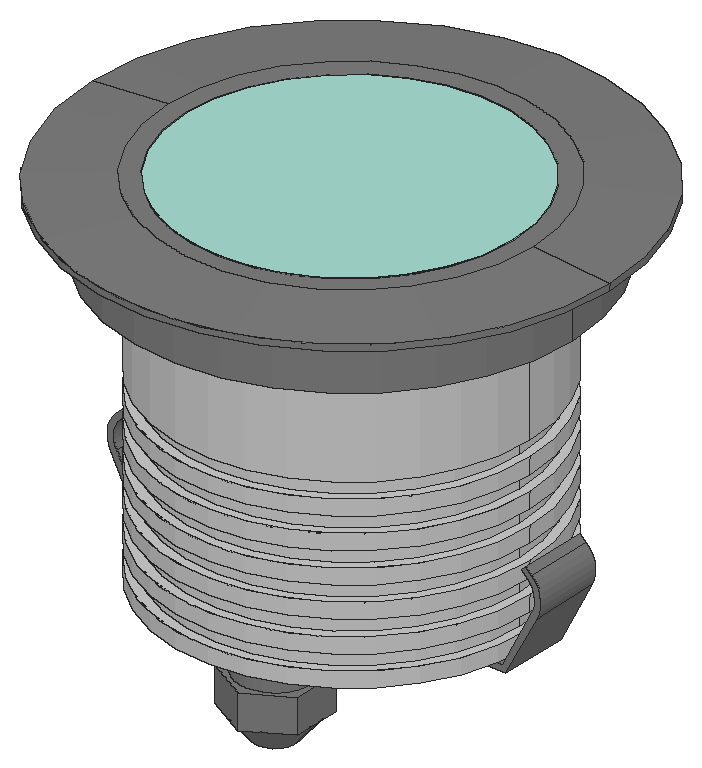
Revit family "Smoothy 2.4", category Lighting Fixtures, host Face, Revit 2017
Family settings
  Host = Face
  Round Connector Dimension = Use Diameter
  Part Type = Normal
  Cut with Voids When Loaded = Yes
  Light Source = Yes
  Shared = No
  Room Calculation Point = Yes
Parameters (values of type "Smoothy 2.4_D (3000K 7W 24Vdc)")
  Wiring = "parallel; RGB: series"
  Width mm = 84 mm
  Weight kg = "0.43"
  Wattage = 4.09312 W
  built-in parameter 1150110 = 1 (stored number, unit not read)
  Voltage = 24 V
  URL Accessories and power supply units = "https://www.lucelight.it/en/prodotto.php/107382#a-scheda-accessori"
  URL = "https://www.lucelight.it/en/prodotto.php/107382"
  built-in parameter 1114217 = 1 (stored number, unit not read)
  Tiltable = "-"
  Vertical Rotation [instance] = 0.00°
  URL Technical sheet = "https://www.lucelight.it/media/prodotti/st/ST_SMOOTHY_24.pdf"
  URL Image = "https://www.lucelight.it/media/prodotti/foto/smoothy_2.4_still.jpg"
  URL IES Photometric file = "https://www.lucelight.it/media/prodotti/fotometrie/smoothy_2.4_ies.zip"
  URL General code = "https://www.lucelight.it/en/prodotto.php/107382#a-generacodice"
  URL Description = "https://www.lucelight.it/en/capitolato.php/107382"
  URL DXF = "https://www.lucelight.it/media/prodotti/dxf/smoothy_2.4.dxf"
  URL Catalogue = "https://www.lucelight.it/media/prodotti/brochure/smoothy_2.4_brochure_en.pdf"
  Trim = L&L_Steel inox AISI 316L
  Tilt Angle = 90.00°
  built-in parameter 1150109 = 1 (stored number, unit not read)
  built-in parameter 1150134 = (empty or 0)
  built-in parameter 1150113 = 1 (stored number, unit not read)
  Radius Void = 37.5 mm
  Power supply unit = "not included"
  Power supply = "24Vdc (also available: max 700mA RGB light - ref. URL Technical sheet)"
  Power cables = "includes 1.5 m neoprene cable; H05RN-F 2x0.75/0.75 Ø6.3 mm; RGB: includes 1.5 m FEP+RUB (equivalent to H05RN-F) 6x0.50/0.50 Ø6.3 mm"
  Power = "7W (also available: 3,5W only 5°optics (4000K only CRI 80) and 5W - ref. URL Technical sheet)"
  Photometric Web File = "SMOOTHY 2.4 D [3000K 7W 24Vdc].IES"
  Optics = "D"
  Notes = "-"
  No. and type of led = "1 high-intensity power LED; RGB: 3 power LEDs"
  Mounting = "recessed (ceiling, wall, ground)"
  Model = "Smoothy 2.4"
  Material = "body in anodized aluminium, trim in AISI 316L stainless steelscreen in tempered, transparent extra-clear glass (optics version), screen in sandblasted, tempered extra-clear glass (diffuse version)"
  Manufacturer = "L&L Luce&Light"
  built-in parameter 1150105 = 48.383 (stored number, unit not read)
  Lumens = 608 lm
  built-in parameter 1150115 = 1 (stored number, unit not read)
  Lumen output at source = "488 lm (3000K, 5W, CRI 80); 452 lm (3000K, 5W, CRI 90); 657 lm (3000K, 7W, CRI 80); 608 lm (3000K, 7W, CRI 90); RGB: 311 lm, R: 108 lm G: 133 lm B: 70 lm (700mA)"
  built-in parameter 1150137 = (empty or 0)
  built-in parameter 1150139 = (empty or 0)
  Lens = L&L_Tempered extra-clear glass
  Length mm = 84 mm
  built-in parameter 1150112 = 1 (stored number, unit not read)
  built-in parameter 1150114 = 1 (stored number, unit not read)
  LED Colour = "3000K (also available: 2700K and 4000K - ref. URL Technical sheet)"
  built-in parameter 1150132 = 2
  built-in parameter 1150102 = (empty or 0)
  built-in parameter 1150107 = 3000 (stored number, unit not read)
  built-in parameter 1150138 = (empty or 0)
  built-in parameter 1150106 = 0.48383 (stored number, unit not read)
  IP = "67"
  Height mm = 67 mm
  Height Void = 67 mm
  Geometry = Smoothy2.4_mod : Smoothy2.4_mod
  Features = "-"
  Energy efficiency class = "A A+ A++"
  Emit from Line Length = 609.6 mm
  built-in parameter 1150104 = 13.8 (stored number, unit not read)
  Dimming Lamp Color Temperature Shift = <None>
  Description = "recessed for outdoor applications"
  Delivered lumen output = "352 lm (3000K, 34°, 5W, CRI 80); 284 lm (3000K, 34°, 5W, CRI 90); 463 lm (3000K, 34°, 7W, CRI 80); 374 lm (3000K, 34°, 7W, CRI 90); RGB: 235 lm, R: 92 lm G: 105 lm B: 38 lm (700mA, 34°)"
  Default Elevation = 1219.2 mm
  Cutout dimensions = "diam. 75 mm"
  Control system = "-"
  Contact = "T: +39 0444 360571; E: lucelight@lucelight.it"
  Company = "L&L Luce&Light"
  Color Filter = 16777215
  Code = "SY240 I; SY2432 6 I"
  CRI = "90 (also available: CRI 80 - ref. URL Technical sheet)"
  Body = L&L_Anodized aluminium
  built-in parameter 1114218 = 1 (stored number, unit not read)
  built-in parameter 1150133 = 10 (stored number, unit not read)
  Apparent Load Phase 1 = 7 W
  Apparent Load = 0 VA
Types (10, lengths in mm): name | Wattage | Photometric Web File | Optics | built-in parameter 1150104
  Smoothy 2.4_D (3000K 7W 24Vdc) | 4.09312 W | "SMOOTHY 2.4 D [3000K 7W 24Vdc].IES" | "D" | 13.8 (stored number, unit not read)
  Smoothy 2.4_L 45° (3000K 7W 24Vdc) | 1 W | "SMOOTHY 2.4 L 45° [3000K 7W 24Vdc].IES" | "45°" | 56.485 (stored number, unit not read)
  Smoothy 2.4_M 34° (3000K 7W 24Vdc) | 1 W | "SMOOTHY 2.4 M 34° [3000K 7W 24Vdc].IES" | "34°" | 56.485 (stored number, unit not read)
  Smoothy 2.4_P 21° (3000K 7W 24Vdc) | 4.09312 W | "SMOOTHY 2.4 P (21°) [3000K 7W 24Vdc].IES" | "21°" | 13.8 (stored number, unit not read)
  Smoothy 2.4_Q 61° (3000K 7W 24Vdc) | 4.09312 W | "SMOOTHY 2.4 Q (61°) [3000K 7W 24Vdc].IES" | "61°" | 13.8 (stored number, unit not read)
  Smoothy 2.4_S 17° (3000K 7W 24Vdc) | 4.09312 W | "SMOOTHY 2.4 S 17° [3000K 7W 24Vdc].IES" | "17°" | 13.8 (stored number, unit not read)
  Smoothy 2.4_T 11° (3000K 7W 24Vdc) | 4.09312 W | "SMOOTHY 2.4 T 11° [3000K 7W 24Vdc].IES" | "11°" | 13.8 (stored number, unit not read)
  Smoothy 2.4_U 5° (3000K 3.5W 24Vdc) | 4.09312 W | "SMOOTHY 2.4 U 5° [3000K 3.5W 24Vdc].IES" | "5°" | 13.8 (stored number, unit not read)
  Smoothy 2.4_V 8° (3000K 7W 24Vdc) | 4.09312 W | "SMOOTHY 2.4 V 8° [3000K 7W 24Vdc].IES" | "8°" | 13.8 (stored number, unit not read)
  Smoothy 2.4_W 13°x52° (3000K 7W 24Vdc) | 4.09312 W | "SMOOTHY 2.4 W 13°x52° [3000K 7W 24Vdc].IES" | "13°x52°" | 13.8 (stored number, unit not read)
Reference planes
  plane 1 "Center (Front/Back)": y = 0
  plane 2: z = 0
  plane 3 "Center (Left/Right)": x = 0
  plane 4: z = -67
Forms (mm)
  Extrusion 1, void
    sketch origin (0, 0, 0) x (1, 0, 0) y (0, 1, 0)
      loop
        circle (0, 0) r 37.5
    from -67 to 0
Dimensions and locks
  "Height Void": plane 4 to plane 2
  "Radius Void": radius of Extrusion 1 sketch curve
  aligned and locked: plane 2 to host face
  aligned and locked: level to host face
  aligned and locked: Extrusion 1 to plane 4
  aligned and locked: plane 2 to Extrusion 1
Automatic sketch dimensions
  host sketch curve to host sketch curve = 2438.4 mm  (x2)
  plane 1 "Center (Front/Back)" to Extrusion 1 sketch curve = 0 mm
  Extrusion 1 sketch curve to plane 3 "Center (Left/Right)" = 0 mm
Nested families
  nested 1: "Smoothy2.4_mod" at (0, 0, 0), type <- "Geometry", type "Smoothy2.4_mod"
Connectors
  electrical at (0, 0, 0), driven by "Apparent Load Phase 1", driven by "Voltage"
    settings: index 1, voltage 24 V, apparent load 0 VA, apparent load phase1 7 VA, apparent load phase2 0 VA, apparent load phase3 0 VA, power factor 1, load classification "Lighting", number of poles 1, system type 31, power factor state 1, is connector primary yes, connector utility no, sub classification motor no, connector description ""
Definition of nested family "Smoothy2.4_mod"
  Parameters (values of type "Smoothy2.4_mod")
    Wing 5.6 = no
    Wing 5.4 = no
    Wing 2.8 = no
    Wing 2.4 = yes
    Wing 1.0 = no
    Trim = none
    Thickness small shape ring = 2.5 mm
    Thickness small ring = 1.5 mm
    Thickness shape ring = 30.3 mm
    Thickness ring medium view = 13 mm
    Thickness middle ring fine view = 9.5 mm
    Thickness Lower ring 1 = 15.3 mm
    Thickness = 2 mm
    Shaped ring 5.6 = no
    Shaped ring 5.4 = no
    Shaped ring 2.4 = yes
    Shaped ring 1.0 = no
    Ring = no
    Radius small ring = 33 mm
    Radius shaped 4 = 10.726 mm
    Radius shaped 3 = 34.5 mm
    Radius shaped 2 = 29 mm
    Radius shaped 1 = 27.4 mm
    Radius middle ring fine view = 35.9 mm
    Radius Void = 26.5 mm
    Radius Lower ring 1 = 29 mm
    Radius 2 = 29 mm
    Radius = 42 mm
    Lens = none
    Internal radius = 29.6 mm
    Height void = 27 mm
    Height = 67 mm
    Default Elevation = 1219.2 mm
    Bottom 5.6 = no
    Bottom 2.8 = no
    Bottom 2.4 = yes
    Bottom 1.0 = no
    Body = none
  Reference planes
    plane 1 "Light Source Axis (F/B)": y = 0
    plane 2: z = 0
    plane 3 "Light Source Axis (L/R)": x = 0
    plane 4 "Light Source Elevation": z = 1500
    plane 5: z = -65
    plane 6: z = 2
    plane 7: z = -11
    plane 8: z = -55
    plane 9: z = 1
    plane 10: z = -9.5
    plane 11: z = -11
    plane 12: z = -26.3
    plane 13: z = -56.6
    plane 14: z = -25
    plane 15: z = -61.5
    plane 16: y = -15.8
  Forms (mm)
    Extrusion 1, solid, material <- "Body", detail levels coarse
      sketch origin (0, 0, 0) x (1, 0, 0) y (0, 1, 0)
        loop
          circle (0, 0) r 42
      from -65 to 2
    Extrusion 2, solid, material <- "Trim", detail levels medium
      sketch origin (0, 0, 0) x (1, 0, 0) y (0, 1, 0)
        loop
          circle (0, 0) r 42
      from 2 to -11
    Extrusion 3, solid, material <- "Body", detail levels medium
      sketch origin (0, 0, 0) x (1, 0, 0) y (0, 1, 0)
        loop
          circle (0, 0) r 29
      from -11 to -65
    Extrusion 4, void
      sketch origin (0, 0, 0) x (1, 0, 0) y (0, 1, 0)
        loop
          circle (0, 0) r 26.5
      from 2 to -55
    Extrusion 5, solid, material <- "Lens", detail levels medium
      sketch origin (0, 0, 0) x (1, 0, 0) y (0, 1, 0)
        loop
          circle (0, 0) r 26.5
      from 2 to 1
    Extrusion 6, solid, material <- "Trim", detail levels fine
      sketch origin (0, 0, 0) x (1, 0, 0) y (0, 1, 0)
        loop
          circle (0, 0) r 42
      from 0 to 1
    Blend 7, solid, material <- "Trim", detail levels fine
      base sketch origin (0, 0, 0) x (1, 0, 0) y (0, 1, 0)
        loop
          circle (0, 0) r 42
      top sketch origin (0, 0, 0) x (1, 0, 0) y (0, 1, 0)
        loop
          circle (0, 0) r 29.6
      from 1 to 2
    Extrusion 8, solid, material <- "Trim", detail levels fine
      sketch origin (0, 0, 0) x (1, 0, 0) y (0, 1, 0)
        loop
          circle (0, 0) r 35.9
      from 0 to -9.5
    Extrusion 9, solid, material <- "Trim", detail levels fine
      sketch origin (0, 0, 0) x (1, 0, 0) y (0, 1, 0)
        loop
          circle (0, 0) r 33
      from -9.5 to -11
    Extrusion 10, solid, material <- "Body", detail levels fine
      sketch origin (0, 0, 0) x (1, 0, 0) y (0, 1, 0)
        loop
          circle (0, 0) r 29
      from -11 to -26.3
    Extrusion 11, solid, visible <- "Shaped ring 1.0", not visible, detail levels fine
      sketch origin (0, 0, -13.641) x (1, 0, 0) y (0, 1, 0)
        loop
          circle (0, 0) r 29
      from -29.859 to -31.859
    Extrusion 12, solid, visible <- "Shaped ring 1.0", not visible, detail levels fine
      sketch origin (0, 0, -3.2) x (1, 0, 0) y (0, 1, 0)
        loop
          circle (0, 0) r 27.4
      from -26.677 to -43.726
    Extrusion 13, solid, visible <- "Shaped ring 1.0", not visible, detail levels fine
      sketch origin (0, 0, -13.641) x (1, 0, 0) y (0, 1, 0)
        loop
          circle (0, 0) r 29
      from -29.859 to -31.859
    Extrusion 14, solid, visible <- "Shaped ring 1.0", not visible, detail levels fine
      sketch origin (0, 0, -9.641) x (1, 0, 0) y (0, 1, 0)
        loop
          circle (0, 0) r 29
      from -29.859 to -31.859
    Extrusion 15, solid, visible <- "Shaped ring 1.0", not visible, detail levels fine
      sketch origin (0, 0, -5.641) x (1, 0, 0) y (0, 1, 0)
        loop
          circle (0, 0) r 29
      from -29.859 to -31.859
    Extrusion 16, solid, visible <- "Shaped ring 1.0", not visible, detail levels fine
      sketch origin (0, 0, -1.641) x (1, 0, 0) y (0, 1, 0)
        loop
          circle (0, 0) r 29
      from -29.859 to -31.859
    Extrusion 17, solid, visible <- "Shaped ring 1.0", detail levels fine
      sketch origin (0, 0, 0.377) x (1, 0, 0) y (0, 1, 0)
        loop
          circle (0, 0) r 27.4
      from -26.677 to -43.726
    Extrusion 18, solid, visible <- "Shaped ring 1.0", detail levels fine
      sketch origin (0, 0, -10.063) x (1, 0, 0) y (0, 1, 0)
        loop
          circle (0, 0) r 29
      from -29.859 to -31.859
    Extrusion 19, solid, visible <- "Shaped ring 1.0", detail levels fine
      sketch origin (0, 0, -6.063) x (1, 0, 0) y (0, 1, 0)
        loop
          circle (0, 0) r 29
      from -29.859 to -31.859
    Extrusion 20, solid, visible <- "Shaped ring 1.0", detail levels fine
      sketch origin (0, 0, -2.063) x (1, 0, 0) y (0, 1, 0)
        loop
          circle (0, 0) r 29
      from -29.859 to -31.859
    Extrusion 21, solid, visible <- "Shaped ring 1.0", detail levels fine
      sketch origin (0, 0, 1.937) x (1, 0, 0) y (0, 1, 0)
        loop
          circle (0, 0) r 29
      from -29.859 to -31.859
    Extrusion 22, solid, material <- "Body", visible <- "Shaped ring 2.4", detail levels fine
      sketch origin (0, 0, 0) x (1, 0, 0) y (0, 1, 0)
        loop
          circle (0, 0) r 27.4
      from -26.3 to -56.6
    Extrusion 23, solid, material <- "Body", visible <- "Shaped ring 2.4", detail levels fine
      sketch origin (0, 0, 0) x (1, 0, 0) y (0, 1, 0)
        loop
          circle (0, 0) r 29
      from -28.8 to -31.3
    Extrusion 24, solid, material <- "Body", visible <- "Shaped ring 2.4", detail levels fine
      sketch origin (0, 0, -5) x (1, 0, 0) y (0, 1, 0)
        loop
          circle (0, 0) r 29
      from -28.8 to -31.3
    Extrusion 25, solid, material <- "Body", visible <- "Shaped ring 2.4", detail levels fine
      sketch origin (0, 0, -10) x (1, 0, 0) y (0, 1, 0)
        loop
          circle (0, 0) r 29
      from -28.8 to -31.3
    Extrusion 26, solid, material <- "Body", visible <- "Shaped ring 2.4", detail levels fine
      sketch origin (0, 0, -15) x (1, 0, 0) y (0, 1, 0)
        loop
          circle (0, 0) r 29
      from -28.8 to -31.3
    Extrusion 27, solid, material <- "Body", visible <- "Shaped ring 2.4", detail levels fine
      sketch origin (0, 0, -20) x (1, 0, 0) y (0, 1, 0)
        loop
          circle (0, 0) r 29
      from -28.8 to -31.3
    Extrusion 28, solid, material <- "Body", visible <- "Shaped ring 2.4", detail levels fine
      sketch origin (0, 0, -25) x (1, 0, 0) y (0, 1, 0)
        loop
          circle (0, 0) r 29
      from -28.8 to -31.3
    Extrusion 29, solid, visible <- "Shaped ring 5.4", detail levels fine
      sketch origin (0, 0, 0) x (1, 0, 0) y (0, 1, 0)
        loop
          circle (0, 0) r 27.4
      from -24 to -59
    Extrusion 30, solid, visible <- "Shaped ring 5.4", not visible, detail levels fine
      sketch origin (0, 0, -2.5) x (1, 0, 0) y (0, 1, 0)
        loop
          circle (0, 0) r 10.726
      from -59 to -61.5
    Extrusion 31, solid, visible <- "Shaped ring 5.4", not visible, detail levels fine
      sketch origin (0, 0, -2.5) x (1, 0, 0) y (0, 1, 0)
        loop
          circle (0, 0) r 29
      from -24 to -26.5
    Extrusion 32, solid, visible <- "Shaped ring 5.4", not visible, detail levels fine
      sketch origin (0, 0, 5.5) x (1, 0, 0) y (0, 1, 0)
        loop
          circle (0, 0) r 27.4
      from -24 to -59
    Extrusion 33, solid, visible <- "Shaped ring 5.4", detail levels fine
      sketch origin (0, 0, -2.5) x (1, 0, 0) y (0, 1, 0)
        loop
          circle (0, 0) r 29
      from -24 to -26.5
    Extrusion 34, solid, visible <- "Shaped ring 5.4", detail levels fine
      sketch origin (0, 0, -7.5) x (1, 0, 0) y (0, 1, 0)
        loop
          circle (0, 0) r 29
      from -24 to -26.5
    Extrusion 35, solid, visible <- "Shaped ring 5.4", detail levels fine
      sketch origin (0, 0, -12.5) x (1, 0, 0) y (0, 1, 0)
        loop
          circle (0, 0) r 29
      from -24 to -26.5
    Extrusion 36, solid, visible <- "Shaped ring 5.4", detail levels fine
      sketch origin (0, 0, -17.5) x (1, 0, 0) y (0, 1, 0)
        loop
          circle (0, 0) r 29
      from -24 to -26.5
    Extrusion 37, solid, visible <- "Shaped ring 5.4", detail levels fine
      sketch origin (0, 0, -22.5) x (1, 0, 0) y (0, 1, 0)
        loop
          circle (0, 0) r 29
      from -24 to -26.5
    Extrusion 38, solid, visible <- "Shaped ring 5.4", detail levels fine
      sketch origin (0, 0, -27.5) x (1, 0, 0) y (0, 1, 0)
        loop
          circle (0, 0) r 29
      from -24 to -26.5
    Extrusion 39, solid, visible <- "Shaped ring 5.4", detail levels fine
      sketch origin (0, 0, -32.5) x (1, 0, 0) y (0, 1, 0)
        loop
          circle (0, 0) r 29
      from -24 to -26.5
    Extrusion 40, solid, visible <- "Shaped ring 5.4", detail levels fine
      sketch origin (0, 0, -35) x (1, 0, 0) y (0, 1, 0)
        loop
          circle (0, 0) r 34.5
      from -24 to -34
    Extrusion 41, solid, visible <- "Shaped ring 5.4", detail levels fine
      sketch origin (0, 0, -2.5) x (1, 0, 0) y (0, 1, 0)
        loop
          circle (0, 0) r 10.726
      from -59 to -61.5
    Extrusion 42, solid, visible <- "Shaped ring 5.4", detail levels fine
      sketch origin (0, 0, -7.5) x (1, 0, 0) y (0, 1, 0)
        loop
          circle (0, 0) r 10.726
      from -59 to -61.5
    Extrusion 43, solid, visible <- "Shaped ring 5.4", not visible, detail levels fine
      sketch origin (0, 0, 3) x (1, 0, 0) y (0, 1, 0)
        loop
          circle (0, 0) r 29
      from -24 to -26.5
    Extrusion 44, solid, visible <- "Shaped ring 5.4", not visible, detail levels fine
      sketch origin (0, 0, -2) x (1, 0, 0) y (0, 1, 0)
        loop
          circle (0, 0) r 29
      from -24 to -26.5
    Extrusion 45, solid, visible <- "Shaped ring 5.4", not visible, detail levels fine
      sketch origin (0, 0, -7) x (1, 0, 0) y (0, 1, 0)
        loop
          circle (0, 0) r 29
      from -24 to -26.5
    Extrusion 46, solid, visible <- "Shaped ring 5.4", not visible, detail levels fine
      sketch origin (0, 0, -12) x (1, 0, 0) y (0, 1, 0)
        loop
          circle (0, 0) r 29
      from -24 to -26.5
    Extrusion 47, solid, visible <- "Shaped ring 5.4", not visible, detail levels fine
      sketch origin (0, 0, -17) x (1, 0, 0) y (0, 1, 0)
        loop
          circle (0, 0) r 29
      from -24 to -26.5
    Extrusion 48, solid, visible <- "Shaped ring 5.4", not visible, detail levels fine
      sketch origin (0, 0, -22) x (1, 0, 0) y (0, 1, 0)
        loop
          circle (0, 0) r 29
      from -24 to -26.5
    Extrusion 49, solid, visible <- "Shaped ring 5.4", not visible, detail levels fine
      sketch origin (0, 0, -27) x (1, 0, 0) y (0, 1, 0)
        loop
          circle (0, 0) r 29
      from -24 to -26.5
    Extrusion 50, solid, visible <- "Shaped ring 5.4", not visible, detail levels fine
      sketch origin (0, 0, -29.5) x (1, 0, 0) y (0, 1, 0)
        loop
          circle (0, 0) r 34.5
      from -24 to -34
    Extrusion 51, solid, visible <- "Shaped ring 5.4", not visible, detail levels fine
      sketch origin (0, 0, 3) x (1, 0, 0) y (0, 1, 0)
        loop
          circle (0, 0) r 10.726
      from -59 to -61.5
    Extrusion 52, solid, visible <- "Shaped ring 5.4", not visible, detail levels fine
      sketch origin (0, 0, -2) x (1, 0, 0) y (0, 1, 0)
        loop
          circle (0, 0) r 10.726
      from -59 to -61.5
    Extrusion 53, solid, visible <- "Shaped ring 5.6", detail levels fine
      sketch origin (0, 0, 0) x (1, 0, 0) y (0, 1, 0)
        loop
          circle (0, 0) r 27.4
      from -26.3 to -56.6
    Extrusion 54, void
      sketch origin (0, 0, 0) x (1, 0, 0) y (0, 1, 0)
        loop
          circle (0, -0.3) r 26.5
      from -25 to 6.927
    Extrusion 55, solid, material <- "Lens", detail levels fine
      sketch origin (0, 0, 0) x (1, 0, 0) y (0, 1, 0)
        loop
          circle (0, -0.3) r 26.5
      from 2 to 1
  Cuts and joins
    Extrusion 4 cuts Extrusion 2
    Extrusion 4 cuts Extrusion 3
    Extrusion 54 cuts Extrusion 6
    Extrusion 54 cuts Blend 7
    joined: Extrusion 6, Blend 7
    Extrusion 54 cuts Extrusion 8
    Extrusion 54 cuts Extrusion 9
  Dimensions and locks
    "Height": plane 5 to plane 6
    "Thickness": plane 6 to plane 2
    "Thickness ring medium view": plane 7 to plane 6
    locked: Extrusion 5 to Extrusion 5 at 1
    locked: level to plane 9 at 1
    "Thickness middle ring fine view": plane 10 to plane 2
    "Thickness small ring": plane 11 to plane 10
    "Thickness Lower ring 1": plane 12 to plane 11
    "Thickness shape ring": plane 13 to plane 12
    equal spacing: group 2, group 3, group 4, group 5  (x3)
    equal spacing: group 7, group 8, group 9, group 10  (x3)
    "Height void": plane 14 to plane 6
    "Radius": radius of Extrusion 1 sketch curve
    "Radius": radius of Extrusion 2 sketch curve
    "Radius 2": radius of Extrusion 3 sketch curve
    "Radius Void": radius of Extrusion 4 sketch curve
    "Radius Void": radius of Extrusion 5 sketch curve
    "Radius": radius of Extrusion 6 sketch curve
    "Radius": radius of Blend 7 sketch curve
    "Internal radius": radius of Blend 7 sketch curve
    "Radius middle ring fine view": radius of Extrusion 8 sketch curve
    "Radius small ring": radius of Extrusion 9 sketch curve
    "Radius Lower ring 1": radius of Extrusion 10 sketch curve
    "Radius shaped 2": radius of Extrusion 11 sketch curve
    "Radius shaped 1": radius of Extrusion 12 sketch curve
    "Radius shaped 2": radius of Extrusion 13 sketch curve
    "Radius shaped 2": radius of Extrusion 14 sketch curve
    "Radius shaped 2": radius of Extrusion 15 sketch curve
    "Radius shaped 2": radius of Extrusion 16 sketch curve
    "Radius shaped 1": radius of Extrusion 17 sketch curve
    "Radius shaped 2": radius of Extrusion 18 sketch curve
    "Radius shaped 2": radius of Extrusion 19 sketch curve
    "Radius shaped 2": radius of Extrusion 20 sketch curve
    "Radius shaped 2": radius of Extrusion 21 sketch curve
    "Radius shaped 1": radius of Extrusion 22 sketch curve
    "Radius shaped 2": radius of Extrusion 23 sketch curve
    "Radius shaped 2": radius of Extrusion 24 sketch curve
    "Radius shaped 2": radius of Extrusion 25 sketch curve
    "Radius shaped 2": radius of Extrusion 26 sketch curve
    "Radius shaped 2": radius of Extrusion 27 sketch curve
    "Radius shaped 2": radius of Extrusion 28 sketch curve
    "Radius shaped 1": radius of Extrusion 29 sketch curve
    "Radius shaped 4": radius of Extrusion 30 sketch curve
    "Radius shaped 2": radius of Extrusion 31 sketch curve
    "Radius shaped 1": radius of Extrusion 32 sketch curve
    "Radius shaped 2": radius of Extrusion 33 sketch curve
    "Radius shaped 2": radius of Extrusion 34 sketch curve
    "Radius shaped 2": radius of Extrusion 35 sketch curve
    "Radius shaped 2": radius of Extrusion 36 sketch curve
    "Radius shaped 2": radius of Extrusion 37 sketch curve
    "Radius shaped 2": radius of Extrusion 38 sketch curve
    "Radius shaped 2": radius of Extrusion 39 sketch curve
    "Radius shaped 3": radius of Extrusion 40 sketch curve
    "Radius shaped 4": radius of Extrusion 41 sketch curve
    "Radius shaped 4": radius of Extrusion 42 sketch curve
    "Radius shaped 2": radius of Extrusion 43 sketch curve
    "Radius shaped 2": radius of Extrusion 44 sketch curve
    "Radius shaped 2": radius of Extrusion 45 sketch curve
    "Radius shaped 2": radius of Extrusion 46 sketch curve
    "Radius shaped 2": radius of Extrusion 47 sketch curve
    "Radius shaped 2": radius of Extrusion 48 sketch curve
    "Radius shaped 2": radius of Extrusion 49 sketch curve
    "Radius shaped 3": radius of Extrusion 50 sketch curve
    "Radius shaped 4": radius of Extrusion 51 sketch curve
    "Radius shaped 4": radius of Extrusion 52 sketch curve
    "Radius shaped 1": radius of Extrusion 53 sketch curve
    "Radius Void": radius of Extrusion 54 sketch curve
    "Radius Void": radius of Extrusion 55 sketch curve
    aligned and locked: level to plane 2
    aligned and locked: plane 6 to Extrusion 1
    aligned and locked: Extrusion 1 to plane 5
    aligned and locked: Extrusion 2 to plane 6
    aligned and locked: Extrusion 2 to plane 7
    aligned and locked: Extrusion 3 to plane 7
    aligned and locked: Extrusion 3 to plane 5
    aligned and locked: plane 6 to Extrusion 4
    aligned and locked: Extrusion 4 to plane 8
    aligned and locked: Extrusion 5 to plane 6
    aligned and locked: Extrusion 6 to plane 2
    aligned and locked: plane 9 to Extrusion 6
    aligned and locked: Blend 7 to plane 9
    aligned and locked: plane 6 to Blend 7
    aligned and locked: Extrusion 8 to plane 2
    aligned and locked: Extrusion 8 to plane 10
    aligned and locked: Extrusion 9 to plane 10
    aligned and locked: Extrusion 9 to plane 11
    aligned and locked: Extrusion 10 to plane 11
    aligned and locked: Extrusion 10 to plane 12
    aligned and locked: plane 12 to Extrusion 17
    aligned and locked: Extrusion 53 to plane 12
    aligned and locked: Extrusion 53 to plane 13
    aligned and locked: plane 13 to nested 15
    aligned and locked: Extrusion 54 to plane 14
    aligned and locked: Extrusion 55 to plane 6
    aligned and locked: Extrusion 55 to plane 9
  Automatic sketch dimensions
    plane 1 "Light Source Axis (F/B)" to Extrusion 1 sketch curve = 0 mm
    Extrusion 1 sketch curve to plane 3 "Light Source Axis (L/R)" = 0 mm
    plane 1 "Light Source Axis (F/B)" to Extrusion 2 sketch curve = 0 mm
    Extrusion 2 sketch curve to plane 3 "Light Source Axis (L/R)" = 0 mm
    plane 1 "Light Source Axis (F/B)" to Extrusion 3 sketch curve = 0 mm
    Extrusion 3 sketch curve to plane 3 "Light Source Axis (L/R)" = 0 mm
    plane 1 "Light Source Axis (F/B)" to Extrusion 4 sketch curve = 0 mm
    Extrusion 4 sketch curve to plane 3 "Light Source Axis (L/R)" = 0 mm
    plane 1 "Light Source Axis (F/B)" to Extrusion 5 sketch curve = 0 mm
    Extrusion 5 sketch curve to plane 3 "Light Source Axis (L/R)" = 0 mm
    plane 1 "Light Source Axis (F/B)" to Extrusion 6 sketch curve = 0 mm
    Extrusion 6 sketch curve to plane 3 "Light Source Axis (L/R)" = 0 mm
    plane 1 "Light Source Axis (F/B)" to Blend 7 sketch curve = 0 mm  (x2)
    Blend 7 sketch curve to plane 3 "Light Source Axis (L/R)" = 0 mm  (x2)
    plane 1 "Light Source Axis (F/B)" to Extrusion 8 sketch curve = 0 mm
    Extrusion 8 sketch curve to plane 3 "Light Source Axis (L/R)" = 0 mm
    plane 1 "Light Source Axis (F/B)" to Extrusion 9 sketch curve = 0 mm
    Extrusion 9 sketch curve to plane 3 "Light Source Axis (L/R)" = 0 mm
    plane 1 "Light Source Axis (F/B)" to Extrusion 10 sketch curve = 0 mm
    Extrusion 10 sketch curve to plane 3 "Light Source Axis (L/R)" = 0 mm
    plane 1 "Light Source Axis (F/B)" to Extrusion 22 sketch curve = 0 mm
    Extrusion 22 sketch curve to plane 3 "Light Source Axis (L/R)" = 0 mm
    plane 1 "Light Source Axis (F/B)" to Extrusion 23 sketch curve = 0 mm
    Extrusion 23 sketch curve to plane 3 "Light Source Axis (L/R)" = 0 mm
    plane 1 "Light Source Axis (F/B)" to Extrusion 24 sketch curve = 0 mm
    Extrusion 24 sketch curve to plane 3 "Light Source Axis (L/R)" = 0 mm
    plane 1 "Light Source Axis (F/B)" to Extrusion 25 sketch curve = 0 mm
    Extrusion 25 sketch curve to plane 3 "Light Source Axis (L/R)" = 0 mm
    plane 1 "Light Source Axis (F/B)" to Extrusion 26 sketch curve = 0 mm
    Extrusion 26 sketch curve to plane 3 "Light Source Axis (L/R)" = 0 mm
    plane 1 "Light Source Axis (F/B)" to Extrusion 27 sketch curve = 0 mm
    Extrusion 27 sketch curve to plane 3 "Light Source Axis (L/R)" = 0 mm
    plane 1 "Light Source Axis (F/B)" to Extrusion 28 sketch curve = 0 mm
    Extrusion 28 sketch curve to plane 3 "Light Source Axis (L/R)" = 0 mm
    plane 1 "Light Source Axis (F/B)" to Extrusion 53 sketch curve = 0 mm
    Extrusion 53 sketch curve to plane 3 "Light Source Axis (L/R)" = 0 mm
    Extrusion 54 sketch curve to plane 3 "Light Source Axis (L/R)" = 0 mm
    plane 1 "Light Source Axis (F/B)" to Extrusion 54 sketch curve = 0.3 mm
    Extrusion 55 sketch curve to plane 3 "Light Source Axis (L/R)" = 0 mm
    plane 1 "Light Source Axis (F/B)" to Extrusion 55 sketch curve = 0.3 mm
  Nested families
    nested 1: "Smoothy_wing" at (-8.2, 0, -46.549), visible <- "Wing 1.0", type "Smoothy_wing", detail levels fine
    nested 2: "Smoothy_wing" at (8.2, 0, -46.549) x (-1, 0, 0) z (0, 0, 1), visible <- "Wing 1.0", type "Smoothy_wing", detail levels fine
    nested 3: "Smoothy_wing" at (21.382, 0, -56.5) x (-1, 0, 0) z (0, 0, 1), visible <- "Wing 2.8", type "Smoothy_wing", detail levels fine
    nested 4: "Smoothy_wing" at (-21.382, 0, -56.5), visible <- "Wing 2.8", type "Smoothy_wing", detail levels fine
    nested 5: "Smoothy_wing" at (-0.016, 30.088, -59) x (-0.0011, -1, 0) z (0, 0, 1), visible <- "Wing 5.4", type "Smoothy_wing", detail levels fine
    nested 6: "Smoothy_wing" at (-30.088, 0, -59) x (1, -0.0011, 0) z (0, 0, 1), visible <- "Wing 5.4", type "Smoothy_wing", detail levels fine
    nested 7: "Smoothy_wing" at (30.076, 0, -59) x (-1, 0.0011, 0) z (0, 0, 1), visible <- "Wing 5.4", type "Smoothy_wing", detail levels fine
    nested 8: "Smoothy_wing" at (0, -30.076, -59) x (0.0011, 1, 0) z (0, 0, 1), visible <- "Wing 5.4", type "Smoothy_wing", detail levels fine
    nested 9: "Smoothy_wing" at (-0.016, 30.088, -60) x (-0.0011, -1, 0) z (0, 0, 1), visible <- "Wing 5.6", type "Smoothy_wing", detail levels fine
    nested 10: "Smoothy_wing" at (-30.088, 0, -60) x (1, -0.0011, 0) z (0, 0, 1), visible <- "Wing 5.6", type "Smoothy_wing", detail levels fine
    nested 11: "Smoothy_wing" at (30.076, 0, -60) x (-1, 0.0011, 0) z (0, 0, 1), visible <- "Wing 5.6", type "Smoothy_wing", detail levels fine
    nested 12: "Smoothy_wing" at (0, -30.076, -60) x (0.0011, 1, 0) z (0, 0, 1), visible <- "Wing 5.6", type "Smoothy_wing", detail levels fine
    nested 13: "Smoothy_wing" at (-21.237, 0, -56.6), visible <- "Wing 2.4", type "Smoothy_wing", detail levels fine
    nested 14: "Smoothy_wing" at (21.237, 0, -56.6) x (-1, 0, 0) z (0, 0, 1), visible <- "Wing 2.4", type "Smoothy_wing", detail levels fine
    nested 15: "Family1" at (0, -8.05, -69.768), visible <- "Bottom 1.0", type "Family1", detail levels fine
    nested 16: "Family1" at (0, -15.35, -69.768), visible <- "Bottom 2.4", type "Family1", detail levels fine
    nested 17: "Family1" at (0, -0.922, -69.668), visible <- "Bottom 2.8", type "Family1", detail levels fine
    nested 18: "Family1" at (0, 0, -91.668), visible <- "Bottom 5.6", type "Family1", detail levels fine
  Definition of nested family "Smoothy_wing"
    Parameters (values of type "Smoothy_wing")
      Trim = none
      Default Elevation = 1219.2 mm
    Reference planes
      plane 1 "Light Source Axis (F/B)": y = 0
      plane 2: z = 0
      plane 3 "Light Source Axis (L/R)": x = 0
      plane 4 "Light Source Elevation": z = 1500
    Forms (mm)
      Extrusion 1, solid, material <- "Trim"
        sketch origin (81.397, 5.508, -204.885) x (1, 0, 0) y (0, 0, 1)
          loop
            arc (-93.894, 214.108) -> (-94.299, 216.563) -> (-93.174, 218.783) r 4
            line (-93.174, 218.783) -> (-92.184, 219.773) -> (-92.891, 220.48) -> (-93.882, 219.49)
            arc (-93.882, 219.49) -> (-95.288, 216.715) -> (-94.781, 213.646) r 5
            line (-94.781, 213.646) -> (-89.7, 203.885) -> (-81.397, 203.885) -> (-81.397, 204.885) -> (-89.093, 204.885) -> (-93.894, 214.108)
        from 0 to 11
      Blend 2, solid, material <- "Trim"
        base sketch origin (65.992, 6.052, -1) x (1, 0, 0) y (0, 1, 0)
          loop
            circle (-69.866, -6.044) r 3.6
        top sketch origin (65.992, 6.052, -1) x (1, 0, 0) y (0, 1, 0)
          loop
            circle (-69.866, -6.044) r 1.95
        from 0 to -1.8
    Dimensions and locks
      aligned and locked: level to plane 2
  Definition of nested family "Family1"
    Parameters (values of type "Family1")
      Trim = none
      Default Elevation = 1219.2 mm
    Reference planes
      plane 1 "Light Source Axis (F/B)": y = 0
      plane 2: z = 0
      plane 3 "Light Source Axis (L/R)": x = 0
      plane 4 "Light Source Elevation": z = 1500
    Forms (mm)
      Extrusion 1, solid, material <- "Trim"
        sketch origin (36.054, -14.716, 0) x (1, 0, 0) y (0, 1, 0)
          loop
            line (-36.054, 22.466) -> (-42.766, 18.591) -> (-42.766, 10.841) -> (-36.054, 6.966) -> (-29.343, 10.841) -> (-29.343, 18.591) -> (-36.054, 22.466)
        from 1.168 to 6.668
      Extrusion 2, solid, material <- "Trim"
        sketch origin (36.054, -14.716, 0) x (1, 0, 0) y (0, 1, 0)
          loop
            circle (-36.054, 14.716) r 6
        from 6.668 to 9.668
      Extrusion 3, solid, material <- "Trim"
        sketch origin (36.054, -14.716, 0) x (1, 0, 0) y (0, 1, 0)
          loop
            line (-36.054, 22.466) -> (-42.766, 18.591) -> (-42.766, 10.841) -> (-36.054, 6.966) -> (-29.343, 10.841) -> (-29.343, 18.591) -> (-36.054, 22.466)
        from 9.668 to 13.168
      Blend 4, solid, material <- "Trim"
        base sketch origin (36.054, -14.716, 1.168) x (1, 0, 0) y (0, 1, 0)
          loop
            circle (-36.054, 14.716) r 6.7
        top sketch origin (36.054, -14.716, 1.168) x (1, 0, 0) y (0, 1, 0)
          loop
            circle (-36.054, 14.716) r 3.5
        from 0 to -4
      Extrusion 5, solid, material <- "Trim", not visible
        sketch origin (30, 0, 0) x (1, 0, 0) y (0, 1, 0)
          loop
            line (-36.054, 22.466) -> (-42.766, 18.591) -> (-42.766, 10.841) -> (-36.054, 6.966) -> (-29.343, 10.841) -> (-29.343, 18.591) -> (-36.054, 22.466)
        from 1.168 to 6.668
      Extrusion 6, solid, material <- "Trim", not visible
        sketch origin (30, 0, 0) x (1, 0, 0) y (0, 1, 0)
          loop
            circle (-36.054, 14.716) r 6
        from 6.668 to 9.668
      Extrusion 7, solid, material <- "Trim", not visible
        sketch origin (30, 0, 0) x (1, 0, 0) y (0, 1, 0)
          loop
            line (-36.054, 22.466) -> (-42.766, 18.591) -> (-42.766, 10.841) -> (-36.054, 6.966) -> (-29.343, 10.841) -> (-29.343, 18.591) -> (-36.054, 22.466)
        from 9.668 to 13.168
      Blend 8, solid, material <- "Trim", not visible
        base sketch origin (30, 0, 1.168) x (1, 0, 0) y (0, 1, 0)
          loop
            circle (-36.054, 14.716) r 6.7
        top sketch origin (30, 0, 1.168) x (1, 0, 0) y (0, 1, 0)
          loop
            circle (-36.054, 14.716) r 3.5
        from 0 to -4
    Dimensions and locks
      aligned and locked: level to plane 2
